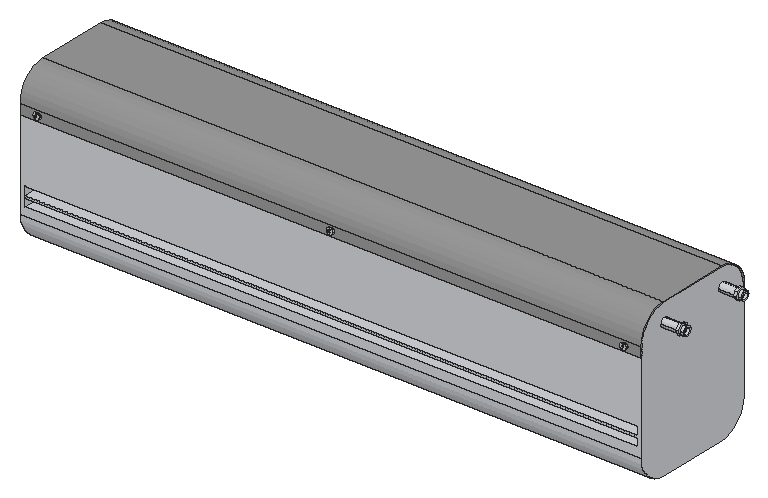
Revit family "Air-Curtain_Customer-Entry_PoweredAire_CLD-CHD-HWST", category Mechanical Equipment, host Face, Revit 2023
Family settings
  Host = Face
  Round Connector Dimension = Use Diameter
  Part Type = Normal
  OmniClass Number = 23.75.35.17.21
  OmniClass Title = Air Curtains
  Cut with Voids When Loaded = No
  Maintain Annotation Orientation = No
  Shared = No
  Room Calculation Point = No
Parameters
  upperpiperotation [instance] = if(Upper Pipe Connection Side A, 0.00°, 180.00°)  # 0.00°
  lowerpiperotation [instance] = if(Lower Pipe Connection Side A, 0.00°, 180.00°)  # 0.00°
  locateupperpipe [instance] = if(Upper Pipe Connection Side A, 0.00", Nozzle Width)  # 0.00"
  locatelowerpipe [instance] = if(Lower Pipe Connection Side A, 0.00", Nozzle Width)  # 0.00"
  Upper Pipe Connection Side A [instance] = yes
  Unit Width Notes = "Other Widths available."  # constant formula
  Unit Width = 73.00"
  Unit Weight = 0
  Unit Height = 15.00"
  Unit Depth = 18.30"
  URL = "http://www.poweredaire.com/"
  Specification = ""
  Projection from Host [instance] = 2.00"
  Product Page URL = "https://www.arcat.com/company/powered-aire-inc-47623"
  Power Rating = 0 W
  Piping_Water Flow [instance] = 0 GPM
  Piping_Operating Pressure [instance] = 0.00 psi
  Piping_Exit Temperature [instance] = 0 °F
  Piping_Entry Temperature [instance] = 0 °F
  Pipe OD [instance] = 5/8"
  Nozzle Width = if(1 = 1, Unit Width - 3.00", 0.00")  # 70.00"
  Mounting Width = if(1 = 1, Unit Width - 1.50", 0.00")  # 71.50"
  Mounting Height [instance] = 50.00"
  Motor RPM = 0
  Motor HP = 0
  Motor Count = 0
  Model = "CLD CHD HW ST"
  Max Height = 0.00"
  Manufacturer = "Powered Aire, Inc"
  Lower Pipe Connection Side A [instance] = yes
  Keynote = "23 34 33"
  Junction Height = 1.77"
  Include Clearance [instance] = yes
  Heating Element Load = 0 W
  HVAC_Temperature Rise = 0 °F
  HVAC_Outlet Volume = 0 CFM
  HVAC_Outlet Velocity Uniformity = 0
  HVAC_Outlet Velocity = 0 FPM
  HVAC_BTU Input = 0.0 Btu/h
  Front Grating Material [instance] = Metal - Steel - PoweredAire - White Perforated
  Frame Finish [instance] = Metal - Steel - PoweredAire - Stainless 304
  Electrical_Wattage [instance] = Power Rating + Heating Element Load  # 0 W
  Electrical_Voltage [instance] = 0 V
  Electrical_Phase [instance] = 1
  Electrical_Frequency [instance] = 0 Hz
  Electrical_Amperage [instance] = 0 A
  Description = ""
  Default Elevation = 0.00"  # constant formula
  Cover Finish [instance] = Metal - Steel - PoweredAire - White
  Copyright = "©Arcat Inc."
  Clearance Material [instance] = ARCAT Clearance
  CAD Details = ""
  Assembly Code = "D3090400"
Reference planes (in)
  plane 1 "Center (Elevation)": y = 8.13818
  plane 2: z = 0
  plane 3 "Center (Left/Right)": x = 0
  plane 4 "FF": y = -41.86182
  plane 5: z = 2
  plane 6: x = 36.5
  plane 7: x = -36.5
  plane 8: z = 20.3
  plane 9: y = 15.63818
  plane 10: z = 2.48
  plane 11: x = -36
  plane 12: x = 36
  plane 13: z = 2.36
  plane 14: y = 0.63818
  plane 15: y = 15.83818
  plane 16: y = 0.43818
  plane 17: y = 17.88818
  plane 18: y = 15.83818
  plane 19: y = 0.43818
  plane 20: y = 12.38818
  plane 21: y = 3.88818
  plane 22: z = 18.25
Forms (in)
  Extrusion 1, solid
    sketch origin (0, -2.225, 0) x (0, 1, 0) y (0, 0, 1)
      loop
        arc (17.86318, 17.05) -> (16.91127, 19.3481) -> (14.61318, 20.3) r 3.25
        line (14.61318, 20.3) -> (6.11318, 20.3)
        arc (6.11318, 20.3) -> (3.81508, 19.3481) -> (2.86318, 17.05) r 3.25
        line (2.86318, 17.05) -> (2.86318, 5.25)
        arc (2.86318, 5.25) -> (3.81508, 2.9519) -> (6.11318, 2) r 3.25
        line (6.11318, 2) -> (14.61318, 2)
        arc (14.61318, 2) -> (16.91127, 2.9519) -> (17.86318, 5.25) r 3.25
        line (17.86318, 5.25) -> (17.86318, 17.05)
    from -36.5 to 36.5
  Extrusion 2, solid, material "Circular Hatch"
    sketch origin (0, 0, 0) x (0, 1, 0) y (0, 0, 1)
      loop
        line (15.63818, 17.05) -> (15.63818, 15.86909) -> (15.71818, 15.86909) -> (15.71818, 17.05)
        arc (15.71818, 17.05) -> (14.74284, 19.40467) -> (12.38818, 20.38) r 3.33
        line (12.38818, 20.38) -> (3.88818, 20.38)
        arc (3.88818, 20.38) -> (1.53351, 19.40467) -> (0.55818, 17.05) r 3.33
        line (0.55818, 17.05) -> (0.55818, 15.86909) -> (0.63818, 15.86909) -> (0.63818, 17.05)
        arc (0.63818, 17.05) -> (1.59008, 19.3481) -> (3.88818, 20.3) r 3.25
        line (3.88818, 20.3) -> (12.38818, 20.3)
        arc (12.38818, 20.3) -> (14.68627, 19.3481) -> (15.63818, 17.05) r 3.25
    from -36.5 to 36.5
  Extrusion 3, void
    sketch origin (0, 3.875, 1.78) x (0, 1, 0) y (0, 0, 1)
      loop
        line (-3.23682, 5.5) -> (-3.23682, 4.5) -> (-1.48682, 4.5) -> (-1.48682, 6.75) -> (-3.23682, 6.75) -> (-3.23682, 5.75) -> (-1.73682, 5.75) -> (-1.73682, 5.5) -> (-3.23682, 5.5)
    from -36 to 36
  Extrusion 4, solid
    sketch origin (0, 8.13818, 0) x (1, 0, 0) y (0, 0, 1)
      loop
        line (-2, 8.44409) -> (2, 8.44409) -> (2, 12.44409) -> (-2, 12.44409) -> (-2, 8.44409)
      loop
        circle (1.9, 12.34409) r 0.05
      loop
        circle (-1.9, 8.54409) r 0.05
    from -9.75 to -7.5
  Extrusion 5, void
    sketch origin (0, 8.13818, 0) x (1, 0, 0) y (0, 0, 1)
      loop
        circle (35.8125, 15.23003) r 0.38
      loop
        circle (35.8125, 4.43003) r 0.38
      loop
        circle (-35.8125, 15.23003) r 0.38
      loop
        circle (-35.8125, 4.43003) r 0.38
    from -7.7 to -3.87526
  Extrusion 6, solid
    sketch origin (0, 11.51318, 1.88459) x (1, 0, 0) y (0, 0, 1)
      loop
        circle (-34.5, 14.60496) r 0.38
      loop
        circle (0, 14.60496) r 0.38
      loop
        circle (34.5, 14.60496) r 0.38
      loop
        line (-34.70441, 14.63496) -> (-34.70441, 14.57496) -> (-34.6172, 14.57496)
        arc (-34.6172, 14.57496) -> (-34.55554, 14.54941) -> (-34.53, 14.48775) r 0.0872
        line (-34.53, 14.48775) -> (-34.53, 14.40055) -> (-34.47, 14.40055) -> (-34.47, 14.48775)
        arc (-34.47, 14.48775) -> (-34.44446, 14.54941) -> (-34.3828, 14.57496) r 0.0872
        line (-34.3828, 14.57496) -> (-34.29559, 14.57496) -> (-34.29559, 14.63496) -> (-34.3828, 14.63496)
        arc (-34.3828, 14.63496) -> (-34.44446, 14.6605) -> (-34.47, 14.72216) r 0.0872
        line (-34.47, 14.72216) -> (-34.47, 14.80936) -> (-34.53, 14.80936) -> (-34.53, 14.72216)
        arc (-34.53, 14.72216) -> (-34.55554, 14.6605) -> (-34.6172, 14.63496) r 0.0872
        line (-34.6172, 14.63496) -> (-34.70441, 14.63496)
      loop
        line (-0.20441, 14.63496) -> (-0.20441, 14.57496) -> (-0.1172, 14.57496)
        arc (-0.1172, 14.57496) -> (-0.05554, 14.54941) -> (-0.03, 14.48775) r 0.0872
        line (-0.03, 14.48775) -> (-0.03, 14.40055) -> (0.03, 14.40055) -> (0.03, 14.48775)
        arc (0.03, 14.48775) -> (0.05554, 14.54941) -> (0.1172, 14.57496) r 0.0872
        line (0.1172, 14.57496) -> (0.20441, 14.57496) -> (0.20441, 14.63496) -> (0.1172, 14.63496)
        arc (0.1172, 14.63496) -> (0.05554, 14.6605) -> (0.03, 14.72216) r 0.0872
        line (0.03, 14.72216) -> (0.03, 14.80936) -> (-0.03, 14.80936) -> (-0.03, 14.72216)
        arc (-0.03, 14.72216) -> (-0.05554, 14.6605) -> (-0.1172, 14.63496) r 0.0872
        line (-0.1172, 14.63496) -> (-0.20441, 14.63496)
      loop
        line (34.29559, 14.63496) -> (34.29559, 14.57496) -> (34.3828, 14.57496)
        arc (34.3828, 14.57496) -> (34.44446, 14.54941) -> (34.47, 14.48775) r 0.0872
        line (34.47, 14.48775) -> (34.47, 14.40055) -> (34.53, 14.40055) -> (34.53, 14.48775)
        arc (34.53, 14.48775) -> (34.55554, 14.54941) -> (34.6172, 14.57496) r 0.0872
        line (34.6172, 14.57496) -> (34.70441, 14.57496) -> (34.70441, 14.63496) -> (34.6172, 14.63496)
        arc (34.6172, 14.63496) -> (34.55554, 14.6605) -> (34.53, 14.72216) r 0.0872
        line (34.53, 14.72216) -> (34.53, 14.80936) -> (34.47, 14.80936) -> (34.47, 14.72216)
        arc (34.47, 14.72216) -> (34.44446, 14.6605) -> (34.3828, 14.63496) r 0.0872
        line (34.3828, 14.63496) -> (34.29559, 14.63496)
    from 10.875 to 11.075
  Extrusion 7, solid
    sketch origin (0, 11.51318, 1.89414) x (1, 0, 0) y (0, 0, -1)
      loop
        circle (-34.5, -14.60496) r 0.38
      loop
        circle (0, -14.60496) r 0.38
      loop
        circle (34.5, -14.60496) r 0.38
      loop
        line (-34.70441, -14.63496) -> (-34.6172, -14.63496)
        arc (-34.6172, -14.63496) -> (-34.55554, -14.6605) -> (-34.53, -14.72216) r 0.0872
        line (-34.53, -14.72216) -> (-34.53, -14.80936) -> (-34.47, -14.80936) -> (-34.47, -14.72216)
        arc (-34.47, -14.72216) -> (-34.44446, -14.6605) -> (-34.3828, -14.63496) r 0.0872
        line (-34.3828, -14.63496) -> (-34.29559, -14.63496) -> (-34.29559, -14.57496) -> (-34.3828, -14.57496)
        arc (-34.3828, -14.57496) -> (-34.44446, -14.54941) -> (-34.47, -14.48775) r 0.0872
        line (-34.47, -14.48775) -> (-34.47, -14.40055) -> (-34.53, -14.40055) -> (-34.53, -14.48775)
        arc (-34.53, -14.48775) -> (-34.55554, -14.54941) -> (-34.6172, -14.57496) r 0.0872
        line (-34.6172, -14.57496) -> (-34.70441, -14.57496) -> (-34.70441, -14.63496)
      loop
        line (-0.20441, -14.63496) -> (-0.1172, -14.63496)
        arc (-0.1172, -14.63496) -> (-0.05554, -14.6605) -> (-0.03, -14.72216) r 0.0872
        line (-0.03, -14.72216) -> (-0.03, -14.80936) -> (0.03, -14.80936) -> (0.03, -14.72216)
        arc (0.03, -14.72216) -> (0.05554, -14.6605) -> (0.1172, -14.63496) r 0.0872
        line (0.1172, -14.63496) -> (0.20441, -14.63496) -> (0.20441, -14.57496) -> (0.1172, -14.57496)
        arc (0.1172, -14.57496) -> (0.05554, -14.54941) -> (0.03, -14.48775) r 0.0872
        line (0.03, -14.48775) -> (0.03, -14.40055) -> (-0.03, -14.40055) -> (-0.03, -14.48775)
        arc (-0.03, -14.48775) -> (-0.05554, -14.54941) -> (-0.1172, -14.57496) r 0.0872
        line (-0.1172, -14.57496) -> (-0.20441, -14.57496) -> (-0.20441, -14.63496)
      loop
        line (34.29559, -14.63496) -> (34.3828, -14.63496)
        arc (34.3828, -14.63496) -> (34.44446, -14.6605) -> (34.47, -14.72216) r 0.0872
        line (34.47, -14.72216) -> (34.47, -14.80936) -> (34.53, -14.80936) -> (34.53, -14.72216)
        arc (34.53, -14.72216) -> (34.55554, -14.6605) -> (34.6172, -14.63496) r 0.0872
        line (34.6172, -14.63496) -> (34.70441, -14.63496) -> (34.70441, -14.57496) -> (34.6172, -14.57496)
        arc (34.6172, -14.57496) -> (34.55554, -14.54941) -> (34.53, -14.48775) r 0.0872
        line (34.53, -14.48775) -> (34.53, -14.40055) -> (34.47, -14.40055) -> (34.47, -14.48775)
        arc (34.47, -14.48775) -> (34.44446, -14.54941) -> (34.3828, -14.57496) r 0.0872
        line (34.3828, -14.57496) -> (34.29559, -14.57496) -> (34.29559, -14.63496)
    from 4.125 to 4.325
Cuts and joins
  Extrusion 3, Extrusion 5 cuts Extrusion 1
Dimensions and locks (in)
  equal spacing: plane 7, plane 3 "Center (Left/Right)", plane 6
  "Unit Width": plane 7 to plane 6
  "Unit Depth": plane 8 to plane 5
  "Projection from Host": plane 5 to host face
  locked: plane 12 to plane 6 at 0.5
  locked: plane 7 to plane 11 at 0.5
  locked: plane 10 to plane 13 at 0.12
  equal spacing: plane 9, plane 1 "Center (Elevation)", plane 14
  locked: plane 15 to plane 9 at 0.2
  locked: plane 16 to plane 14 at 0.2
  Extrusion 3 sketch curve to Extrusion 3 sketch curve to Extrusion 3 sketch curve to Extrusion 3 sketch curve = 1.00" locked, 0.25" locked, 1.00" locked
  locked: plane 17 to plane 9 at 2.25
  "Mounting Height": plane 4 "FF" to plane 1 "Center (Elevation)"
  locked: plane 18 to plane 9 at 0.2
  locked: plane 19 to plane 14 at 0.2
  locked: plane 9 to plane 20 at 3.25
  "Unit Height": plane 14 to plane 9
  locked: plane 21 to plane 14 at 3.25
  locked: plane 8 to plane 22 at 2.05
  aligned and locked: plane 2 to host face
  aligned and locked: level to host face
  aligned and locked: Extrusion 1 to plane 7
  aligned and locked: plane 6 to Extrusion 1
  aligned and locked: plane 8 to Extrusion 1
  aligned and locked: Extrusion 2 to Extrusion 1
  aligned and locked: Extrusion 1 to Extrusion 2
  aligned and locked: Extrusion 1 to plane 5
  aligned and locked: Extrusion 2 to plane 7
  aligned and locked: plane 14 to Extrusion 1
  aligned and locked: Extrusion 4 to cut or joined group of Extrusion 1, Extrusion 3, Extrusion 5
  aligned and locked: Extrusion 4 to plane 17
  aligned and locked: Extrusion 4 to plane 9
  aligned and locked: plane 18 to Extrusion 7
  aligned and locked: plane 19 to Extrusion 6
  aligned and locked: Extrusion 7 to plane 9
  aligned and locked: Extrusion 6 to plane 14
  aligned and locked: Extrusion 6 to plane 19
  aligned and locked: plane 9 to Extrusion 7
  aligned and locked: Extrusion 7 to plane 18
  aligned and locked: plane 20 to nested 2
  aligned and locked: plane 21 to nested 1
  aligned and locked: plane 12 to cut or joined group of Extrusion 1, Extrusion 3, Extrusion 5
  aligned and locked: cut or joined group of Extrusion 1, Extrusion 3, Extrusion 5 to plane 11
  aligned and locked: plane 14 to cut or joined group of Extrusion 1, Extrusion 3, Extrusion 5
  aligned and locked: plane 9 to Extrusion 1
  aligned and locked: Extrusion 1 to Extrusion 3
  aligned and locked: Extrusion 5 to plane 15
  aligned and locked: plane 22 to nested 2
  aligned and locked: plane 22 to nested 1
Automatic sketch dimensions
  host sketch curve to host sketch curve = 123.22671"
  host sketch curve to host sketch curve = 96.00"
  Extrusion 2 sketch curve to Extrusion 2 sketch curve = 0.00"  (x4)
  Extrusion 2 sketch curve to plane 14 = 0.00"
  Extrusion 2 sketch curve to plane 21 = 0.00"
  Extrusion 2 sketch curve to plane 20 = 0.00"
  Extrusion 2 sketch curve to plane 9 = 0.00"
  Extrusion 2 sketch curve to plane 8 = 0.00"
  plane 14 to Extrusion 2 sketch curve = 0.08"
  Extrusion 2 sketch curve to Extrusion 2 sketch curve = 1.18091"  (x2)
  Extrusion 3 sketch curve to plane 14 = 0.00"  (x2)
  Extrusion 3 sketch curve to Extrusion 3 sketch curve = 1.50"
  Extrusion 3 sketch curve to Extrusion 3 sketch curve = 0.25"
  plane 10 to Extrusion 3 sketch curve = 3.80"
  Extrusion 6 sketch curve to plane 3 "Center (Left/Right)" = 0.00"
  Extrusion 6 sketch curve to plane 3 "Center (Left/Right)" = 0.03"  (x2)
  Extrusion 6 sketch curve to Extrusion 6 sketch curve = 0.0872"  (x25)
  plane 11 to Extrusion 6 sketch curve = 1.70441"
  Extrusion 6 sketch curve to Extrusion 6 sketch curve = 0.00"  (x3)
  Extrusion 6 sketch curve to Extrusion 6 sketch curve = 0.03"  (x5)
  Extrusion 6 sketch curve to Extrusion 6 sketch curve = 0.06"  (x10)
  plane 3 "Center (Left/Right)" to Extrusion 6 sketch curve = 0.03"  (x2)
  Extrusion 6 sketch curve to plane 12 = 1.70441"
  Extrusion 6 sketch curve to Extrusion 6 sketch curve = 0.1172"
  Extrusion 6 sketch curve to plane 8 = 4.01486"  (x3)
  Extrusion 7 sketch curve to plane 3 "Center (Left/Right)" = 0.00"
  Extrusion 7 sketch curve to plane 3 "Center (Left/Right)" = 0.03"  (x2)
  Extrusion 7 sketch curve to Extrusion 7 sketch curve = 0.0872"  (x24)
  plane 11 to Extrusion 7 sketch curve = 1.70441"
  Extrusion 7 sketch curve to Extrusion 7 sketch curve = 0.00"  (x4)
  Extrusion 7 sketch curve to Extrusion 7 sketch curve = 0.03"  (x3)
  Extrusion 7 sketch curve to Extrusion 7 sketch curve = 0.06"  (x10)
  plane 3 "Center (Left/Right)" to Extrusion 7 sketch curve = 0.03"  (x2)
  Extrusion 7 sketch curve to plane 12 = 1.70441"
  Extrusion 7 sketch curve to Extrusion 7 sketch curve = 0.1172"  (x3)
  Extrusion 7 sketch curve to plane 8 = 3.5965"  (x3)
  Extrusion 1 sketch curve to plane 14 = 0.00"
  Extrusion 1 sketch curve to plane 5 = 0.00"
  Extrusion 1 sketch curve to plane 8 = 0.00"
  Extrusion 1 sketch curve to plane 21 = 0.00"  (x2)
  Extrusion 1 sketch curve to plane 20 = 0.00"  (x2)
  Extrusion 1 sketch curve to plane 9 = 0.00"
  plane 11 to Extrusion 5 sketch curve = 0.1875"  (x2)
  Extrusion 5 sketch curve to plane 12 = 0.1875"  (x2)
  plane 10 to Extrusion 5 sketch curve = 1.95003"  (x2)
  Extrusion 5 sketch curve to plane 8 = 5.06997"  (x2)
  Extrusion 4 sketch curve to plane 3 "Center (Left/Right)" = 2.00"
  Extrusion 4 sketch curve to Extrusion 4 sketch curve = 0.10"  (x3)
  plane 3 "Center (Left/Right)" to Extrusion 4 sketch curve = 1.90"
  plane 3 "Center (Left/Right)" to Extrusion 4 sketch curve = 2.00"
  plane 10 to Extrusion 4 sketch curve = 5.96409"
  Extrusion 4 sketch curve to Extrusion 4 sketch curve = 3.90"
  radius of Extrusion 6 sketch curve = 0.38"  (x3)
  radius of Extrusion 7 sketch curve = 0.38"  (x3)
  radius of Extrusion 5 sketch curve = 0.38"  (x4)
  radius of Extrusion 4 sketch curve = 0.05"  (x2)
Nested families (in)
  nested 1: "Valve" at (36.5, 3.88818, 30.90595) x (0, 1, 0) z (1, 0, 0), type "Valve"
    with upperpiperotation 0.00°, lowerpiperotation 0.00°, locateupperpipe 0.00", locatelowerpipe 0.00", Upper Pipe Connection Side A yes, Projection from Host 4.00", Piping_Water Flow 0 GPM, Piping_Operating Pressure 0.00 psi, Piping_Exit Temperature 0 °F, Piping_Entry Temperature 0 °F, Pipe OD 5/8", Mounting Height 42.00", Lower Pipe Connection Side A yes, Include Clearance yes, Front Grating Material Metal - Steel - PoweredAire - White Perforated, Frame Finish Metal - Steel - PoweredAire - Stainless 304, Electrical_Wattage 0 W, Electrical_Voltage 0 V, Electrical_Phase 1, Electrical_Frequency 0 Hz, Electrical_Amperage 0 A, Cover Finish Metal - Steel - PoweredAire - White, Clearance_Top 0.00", Clearance_Side B 0.00", Clearance_Side A 0.00", Clearance_Intake 0.00", Clearance_Front 43.00", Clearance Material ARCAT Clearance
  nested 2: "Valve" at (36.5, 12.38818, 30.90595) x (0, -1, 0) z (1, 0, 0), type "Valve"
    with upperpiperotation 0.00°, lowerpiperotation 0.00°, locateupperpipe 0.00", locatelowerpipe 0.00", Upper Pipe Connection Side A yes, Projection from Host 4.00", Piping_Water Flow 0 GPM, Piping_Operating Pressure 0.00 psi, Piping_Exit Temperature 0 °F, Piping_Entry Temperature 0 °F, Pipe OD 5/8", Mounting Height 42.00", Lower Pipe Connection Side A yes, Include Clearance yes, Front Grating Material Metal - Steel - PoweredAire - White Perforated, Frame Finish Metal - Steel - PoweredAire - Stainless 304, Electrical_Wattage 0 W, Electrical_Voltage 0 V, Electrical_Phase 1, Electrical_Frequency 0 Hz, Electrical_Amperage 0 A, Cover Finish Metal - Steel - PoweredAire - White, Clearance_Top 0.00", Clearance_Side B 0.00", Clearance_Side A 0.00", Clearance_Intake 0.00", Clearance_Front 43.00", Clearance Material ARCAT Clearance
Definition of nested family "Valve"
  Parameters (values of type "Valve")
    upperpiperotation [instance] = if(Upper Pipe Connection Side A, 0.00°, 180.00°)  # 0.00°
    lowerpiperotation [instance] = if(Lower Pipe Connection Side A, 0.00°, 180.00°)  # 0.00°
    locateupperpipe [instance] = if(Upper Pipe Connection Side A, 0.00", Nozzle Width)  # 0.00"
    locatelowerpipe [instance] = if(Lower Pipe Connection Side A, 0.00", Nozzle Width)  # 0.00"
    Upper Pipe Connection Side A [instance] = yes
    Unit Width Notes = "Other Widths available."  # constant formula
    Unit Width = 73.00"
    Unit Weight = 0
    Unit Height = 15.00"
    Unit Depth = 17.00"
    URL = "http://www.poweredaire.com/"
    Specification = ""
    Projection from Host [instance] = 4.00"
    Product Page URL = "https://www.arcat.com/company/powered-aire-inc-47623"
    Power Rating = 0 W
    Piping_Water Flow [instance] = 0 GPM
    Piping_Operating Pressure [instance] = 0.00 psi
    Piping_Exit Temperature [instance] = 0 °F
    Piping_Entry Temperature [instance] = 0 °F
    Pipe OD [instance] = 5/8"
    Nozzle Width = if(1 = 1, Unit Width - 3.00", 0.00")  # 70.00"
    Mounting Width = if(1 = 1, Unit Width - 1.50", 0.00")  # 71.50"
    Mounting Height [instance] = 42.00"
    Motor RPM = 0
    Motor HP = 0
    Motor Count = 0
    Model = "CLD CHD HW ST"
    Max Height = 0.00"
    Manufacturer = "Powered Aire, Inc"
    Lower Pipe Connection Side A [instance] = yes
    Keynote = "23 34 33"
    Junction Height = 1.77"
    Include Clearance [instance] = yes
    Heating Element Load = 0 W
    HVAC_Temperature Rise = 0 °F
    HVAC_Outlet Volume = 0 CFM
    HVAC_Outlet Velocity Uniformity = 0
    HVAC_Outlet Velocity = 0 FPM
    HVAC_BTU Input = 0.0 Btu/h
    Front Grating Material [instance] = none
    Frame Finish [instance] = none
    Electrical_Wattage [instance] = Power Rating + Heating Element Load  # 0 W
    Electrical_Voltage [instance] = 0 V
    Electrical_Phase [instance] = 1
    Electrical_Frequency [instance] = 0 Hz
    Electrical_Amperage [instance] = 0 A
    Description = ""
    Default Elevation = 0.00"  # constant formula
    Cover Finish [instance] = none
    Copyright = "©Arcat Inc."
    Clearance_Top [instance] = 0.00"
    Clearance_Side B [instance] = 0.00"
    Clearance_Side A [instance] = 0.00"
    Clearance_Intake [instance] = 0.00"
    Clearance_Front [instance] = 43.00"
    Clearance Material [instance] = none
    CAD Details = ""
    Assembly Code = "D3090400"
  Reference planes (in)
    plane 1 "Center (Elevation)": y = -12.65595
    plane 2: z = 0
    plane 3 "Center (Left/Right)": x = 0
  Forms (in)
    Extrusion 1, solid
      sketch origin (0, 0, 0) x (1, 0, 0) y (0, 1, 0)
        loop
          line (-60, 48) -> (-60, -48) -> (63.22671, -48) -> (63.22671, 48) -> (-60, 48)
      from 0 to -12
    Extrusion 2, solid
      sketch origin (0, 0, 0) x (1, 0, 0) y (0, 1, 0)
        loop
          circle (0, -12.65595) r 0.45
        loop
          circle (0, -12.65595) r 0.5
      from 0 to 2.75
    Extrusion 3, solid
      sketch origin (0, 0, 0) x (1, 0, 0) y (0, 1, 0)
        loop
          line (0.64691, -12.82929) -> (0.47357, -12.18238) -> (-0.17334, -12.00904) -> (-0.64691, -12.48261) -> (-0.47357, -13.12952) -> (0.17334, -13.30286) -> (0.64691, -12.82929)
        loop
          circle (0, -12.65595) r 0.5
      from 1.99342 to 2.31497
  Dimensions and locks (in)
    aligned and locked: plane 2 to Extrusion 1
    aligned and locked: level to Extrusion 1
